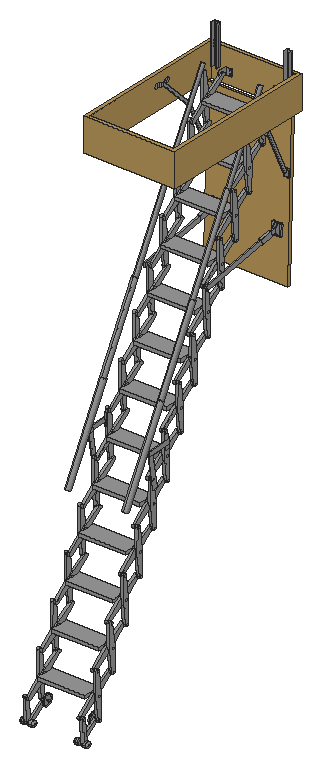
Revit family "schaartrap_Large elec-H 700x1200 mm", category Generic Models, Revit 2019 (continued)
Automatic sketch dimensions
  Sweep 51 sketch curve to Sweep 51 sketch curve = 20 mm
  level to Sweep 51 sketch curve = 20 mm
  Sweep 51 sketch curve to profile plane = 0 mm  (x2)
  Sweep 51 sketch curve to profile plane = 7.976 mm
  Sweep 51 sketch curve to Sweep 51 sketch curve = 2.281 mm
  Extrusion 54 sketch curve to plane 1 "Center (Front/Back)" = 20 mm
  level to Extrusion 54 sketch curve = 20 mm
  Sweep 55 sketch curve to Sweep 55 sketch curve = 0 mm  (x2)
  Sweep 55 sketch curve to plane 1 "Center (Front/Back)" = 0 mm
  Sweep 55 sketch curve to Sweep 55 sketch curve = 20 mm
  level to Sweep 55 sketch curve = 20 mm
  Sweep 55 sketch curve to profile plane = 0 mm  (x2)
  Sweep 55 sketch curve to profile plane = 7.976 mm
  Sweep 55 sketch curve to Sweep 55 sketch curve = 2.281 mm
  Extrusion 56 sketch curve to plane 1 "Center (Front/Back)" = 20 mm
  level to Extrusion 56 sketch curve = 20 mm
  Sweep 57 sketch curve to Sweep 57 sketch curve = 0 mm  (x2)
  Sweep 57 sketch curve to plane 1 "Center (Front/Back)" = 0 mm
  Sweep 57 sketch curve to Sweep 57 sketch curve = 20 mm
  level to Sweep 57 sketch curve = 20 mm
  profile plane to Sweep 57 sketch curve = 0 mm
  Sweep 57 sketch curve to profile plane = 0 mm
  profile plane to Sweep 57 sketch curve = 7.976 mm
  Sweep 57 sketch curve to Sweep 57 sketch curve = 2.281 mm
  curve 15 to plane 3 "Center (Left/Right)" = 0 mm
  curve 19 to plane 3 "Center (Left/Right)" = 0 mm
  plane 3 "Center (Left/Right)" to curve 16 = 34.056 mm
  curve 15 to curve 16 = 0 mm
  curve 15 to curve 19 = 117.973 mm
  curve 19 to plane 3 "Center (Left/Right)" = 34.056 mm
  curve 15 to curve 15 = 4227.74 mm
  Sweep 58 sketch curve to plane 13 = 0 mm
  Sweep 58 sketch curve to plane 12 = 0 mm
  Sweep 58 sketch curve to plane 19 "bk. omtimmering" = 0 mm
  Sweep 58 sketch curve to profile plane = 0 mm
  Sweep 58 sketch curve to Sweep 58 sketch curve = 24 mm
  Extrusion 59 sketch curve to plane 18 "traplijn" = 711.765 mm
  Extrusion 59 sketch curve to Extrusion 59 sketch curve = 20.48 mm
  Extrusion 59 sketch curve to Extrusion 59 sketch curve = 199.001 mm
  Extrusion 59 sketch curve to Extrusion 59 sketch curve = 3.611 mm
  plane 6 to Extrusion 60 sketch curve = 2 mm  (x2)
  Extrusion 60 sketch curve to plane 6 = 8 mm
  Extrusion 60 sketch curve to Extrusion 60 sketch curve = 10 mm  (x2)
  Extrusion 60 sketch curve to Extrusion 60 sketch curve = 73.838 mm
  plane 7 to Extrusion 60 sketch curve = 33 mm
  plane 8 to Extrusion 61 sketch curve = 2 mm  (x2)
  Extrusion 61 sketch curve to plane 8 = 8 mm
  Extrusion 61 sketch curve to Extrusion 61 sketch curve = 10 mm  (x2)
  Extrusion 61 sketch curve to Extrusion 61 sketch curve = 73.838 mm
  plane 9 to Extrusion 61 sketch curve = 33 mm
  Extrusion 62 sketch curve to plane 16 = 44.5 mm
  Extrusion 62 sketch curve to Extrusion 62 sketch curve = 60 mm
  Extrusion 62 sketch curve to plane 16 = 10 mm
  Extrusion 63 sketch curve to plane 15 = 44.5 mm
  Extrusion 63 sketch curve to Extrusion 63 sketch curve = 60 mm
  Extrusion 63 sketch curve to plane 15 = 10 mm
  plane 20 to Extrusion 64 sketch curve = 108.998 mm
  Extrusion 64 sketch curve to Extrusion 64 sketch curve = 5 mm
  Extrusion 64 sketch curve to Extrusion 64 sketch curve = 13.998 mm
  Extrusion 64 sketch curve to Extrusion 64 sketch curve = 6.458 mm  (x2)
  Extrusion 64 sketch curve to Extrusion 64 sketch curve = 0 mm  (x12)
  plane 19 "bk. omtimmering" to Extrusion 64 sketch curve = 5 mm
  Extrusion 64 sketch curve to Extrusion 64 sketch curve = 6.002 mm  (x2)
  Extrusion 64 sketch curve to Extrusion 64 sketch curve = 20 mm  (x11)
  Extrusion 64 sketch curve to plane 19 "bk. omtimmering" = 15 mm
  Extrusion 65 sketch curve to Extrusion 65 sketch curve = 28.028 mm
  Extrusion 65 sketch curve to plane 19 "bk. omtimmering" = 182.202 mm
  Extrusion 65 sketch curve to Extrusion 65 sketch curve = 25 mm
  Extrusion 66 sketch curve to plane 6 = 0 mm
  plane 6 to Extrusion 66 sketch curve = 4 mm
  Extrusion 66 sketch curve to plane 11 = 18.5 mm
  Extrusion 66 sketch curve to Extrusion 66 sketch curve = 4 mm
  Extrusion 66 sketch curve to Extrusion 66 sketch curve = 69.409 mm
  Extrusion 67 sketch curve to Extrusion 67 sketch curve = 0 mm  (x4)
  Extrusion 67 sketch curve to plane 11 = 9.236 mm  (x2)
  Extrusion 67 sketch curve to plane 19 "bk. omtimmering" = 143.203 mm
  Extrusion 67 sketch curve to Extrusion 67 sketch curve = 28.75 mm
  Extrusion 67 sketch curve to plane 11 = 4.236 mm  (x2)
  Extrusion 68 sketch curve to Extrusion 68 sketch curve = 0 mm  (x8)
  Extrusion 68 sketch curve to plane 16 = 25 mm
  Extrusion 68 sketch curve to Extrusion 68 sketch curve = 2 mm
  Extrusion 68 sketch curve to Extrusion 68 sketch curve = 1.001 mm
  plane 9 to Extrusion 68 sketch curve = 32.5 mm
  Extrusion 68 sketch curve to Extrusion 68 sketch curve = 1 mm
  Extrusion 68 sketch curve to Extrusion 68 sketch curve = 26.999 mm
  plane 20 to Extrusion 69 sketch curve = 108.998 mm
  Extrusion 69 sketch curve to Extrusion 69 sketch curve = 5 mm
  Extrusion 69 sketch curve to Extrusion 69 sketch curve = 13.998 mm
  Extrusion 69 sketch curve to Extrusion 69 sketch curve = 6.458 mm  (x2)
  Extrusion 69 sketch curve to Extrusion 69 sketch curve = 0 mm  (x12)
  plane 19 "bk. omtimmering" to Extrusion 69 sketch curve = 5 mm
  Extrusion 69 sketch curve to Extrusion 69 sketch curve = 20 mm  (x11)
  Extrusion 69 sketch curve to plane 19 "bk. omtimmering" = 15 mm
  Extrusion 69 sketch curve to Extrusion 69 sketch curve = 6.002 mm  (x2)
  Extrusion 70 sketch curve to Extrusion 70 sketch curve = 0 mm  (x6)
  Extrusion 70 sketch curve to plane 15 = 25 mm
  Extrusion 70 sketch curve to Extrusion 70 sketch curve = 2 mm
  Extrusion 70 sketch curve to Extrusion 70 sketch curve = 1.001 mm
  plane 7 to Extrusion 70 sketch curve = 32.5 mm
  Extrusion 70 sketch curve to Extrusion 70 sketch curve = 1 mm
  Extrusion 70 sketch curve to Extrusion 70 sketch curve = 27 mm
  Extrusion 70 sketch curve to Extrusion 70 sketch curve = 26.999 mm
  plane 16 to Extrusion 73 sketch curve = 1 mm  (x2)
  Extrusion 73 sketch curve to plane 16 = 2 mm  (x2)
  Extrusion 73 sketch curve to plane 16 = 15 mm
  Extrusion 73 sketch curve to Extrusion 73 sketch curve = 3 mm
  Extrusion 73 sketch curve to Extrusion 73 sketch curve = 22.101 mm  (x2)
  Extrusion 73 sketch curve to Extrusion 73 sketch curve = 1.562 mm  (x4)
  Extrusion 73 sketch curve to Extrusion 73 sketch curve = 11.203 mm  (x2)
  Extrusion 73 sketch curve to Extrusion 73 sketch curve = 28.769 mm
  Extrusion 74 sketch curve to plane 19 "bk. omtimmering" = 77.202 mm  (x2)
  Extrusion 74 sketch curve to Extrusion 74 sketch curve = 82 mm
  Extrusion 75 sketch curve to plane 19 "bk. omtimmering" = 62.202 mm
  Extrusion 75 sketch curve to Extrusion 75 sketch curve = 98.5 mm
  Extrusion 75 sketch curve to plane 19 "bk. omtimmering" = 77.202 mm
  Extrusion 75 sketch curve to Extrusion 75 sketch curve = 15 mm  (x2)
  Extrusion 76 sketch curve to plane 19 "bk. omtimmering" = 77.202 mm
  Extrusion 76 sketch curve to plane 20 = 33.181 mm
  Extrusion 76 sketch curve to Extrusion 76 sketch curve = 3.25 mm
  Extrusion 76 sketch curve to Extrusion 76 sketch curve = 4 mm
  plane 15 to Extrusion 77 sketch curve = 1 mm  (x2)
  Extrusion 77 sketch curve to plane 15 = 2 mm  (x2)
  Extrusion 77 sketch curve to plane 15 = 15 mm
  Extrusion 77 sketch curve to Extrusion 77 sketch curve = 3 mm
  Extrusion 77 sketch curve to Extrusion 77 sketch curve = 22.101 mm  (x2)
  Extrusion 77 sketch curve to Extrusion 77 sketch curve = 1.562 mm  (x4)
  Extrusion 77 sketch curve to Extrusion 77 sketch curve = 11.203 mm  (x2)
  Extrusion 77 sketch curve to Extrusion 77 sketch curve = 28.769 mm
  Extrusion 78 sketch curve to plane 19 "bk. omtimmering" = 92.202 mm
  Extrusion 78 sketch curve to plane 19 "bk. omtimmering" = 62.202 mm
  Extrusion 78 sketch curve to Extrusion 78 sketch curve = 98.5 mm
  Extrusion 78 sketch curve to Extrusion 78 sketch curve = 30 mm
  Extrusion 78 sketch curve to Extrusion 78 sketch curve = 15 mm
  Extrusion 79 sketch curve to plane 20 = 73.976 mm
  Extrusion 79 sketch curve to Extrusion 79 sketch curve = 11.169 mm
  Extrusion 79 sketch curve to Extrusion 79 sketch curve = 0.478 mm
  Extrusion 79 sketch curve to Extrusion 79 sketch curve = 277.781 mm
  Extrusion 79 sketch curve to Extrusion 79 sketch curve = 5.787 mm  (x2)
  Extrusion 79 sketch curve to Extrusion 79 sketch curve = 4.301 mm
  Extrusion 79 sketch curve to Extrusion 79 sketch curve = 193.032 mm
  Extrusion 79 sketch curve to Extrusion 79 sketch curve = 8.155 mm
  Extrusion 80 sketch curve to plane 20 = 73.976 mm
  Extrusion 80 sketch curve to Extrusion 80 sketch curve = 11.169 mm
  Extrusion 80 sketch curve to Extrusion 80 sketch curve = 0.478 mm
  Extrusion 80 sketch curve to Extrusion 80 sketch curve = 277.781 mm
  Extrusion 80 sketch curve to Extrusion 80 sketch curve = 5.787 mm  (x2)
  Extrusion 80 sketch curve to Extrusion 80 sketch curve = 188.731 mm
  Extrusion 80 sketch curve to Extrusion 80 sketch curve = 8.155 mm
  Extrusion 80 sketch curve to Extrusion 80 sketch curve = 4.301 mm
  Sweep 14 sketch curve to Sweep 14 sketch curve = 257.672 mm
  Sweep 14 sketch curve to Sweep 14 sketch curve = 643.315 mm
  Sweep 14 sketch curve to profile plane = 0 mm  (x2)
  Sweep 15 sketch curve to Sweep 15 sketch curve = 232.241 mm
  Sweep 15 sketch curve to Sweep 15 sketch curve = 579.823 mm
  Sweep 15 sketch curve to profile plane = 0 mm  (x2)
  Sweep 16 sketch curve to Sweep 16 sketch curve = 254.869 mm
  Sweep 16 sketch curve to Sweep 16 sketch curve = 636.315 mm
  Sweep 16 sketch curve to profile plane = 0 mm  (x2)
  Sweep 17 sketch curve to profile plane = 0 mm  (x2)
  Extrusion 81 sketch curve to Extrusion 81 sketch curve = 11.155 mm
  Extrusion 81 sketch curve to Extrusion 81 sketch curve = 22.709 mm
  Extrusion 81 sketch curve to Extrusion 81 sketch curve = 13.423 mm
  Extrusion 81 sketch curve to Extrusion 81 sketch curve = 24.003 mm
  Extrusion 81 sketch curve to Extrusion 81 sketch curve = 14.472 mm
  Extrusion 82 sketch curve to Extrusion 82 sketch curve = 3.617 mm  (x2)
  Extrusion 82 sketch curve to Extrusion 82 sketch curve = 23.983 mm  (x2)
  Extrusion 82 sketch curve to Extrusion 82 sketch curve = 123.59 mm
  Extrusion 82 sketch curve to Extrusion 82 sketch curve = 18.023 mm
  Extrusion 82 sketch curve to Extrusion 82 sketch curve = 3.252 mm
  Extrusion 82 sketch curve to Extrusion 82 sketch curve = 11.758 mm
  Extrusion 83 sketch curve to Extrusion 83 sketch curve = 11.69 mm
  Extrusion 83 sketch curve to Extrusion 83 sketch curve = 18.023 mm
  Extrusion 83 sketch curve to Extrusion 83 sketch curve = 11.758 mm  (x2)
  Extrusion 83 sketch curve to Extrusion 83 sketch curve = 29.781 mm
  Extrusion 83 sketch curve to Extrusion 83 sketch curve = 3.617 mm
  Extrusion 83 sketch curve to Extrusion 83 sketch curve = 44.672 mm
  Extrusion 83 sketch curve to Extrusion 83 sketch curve = 23.983 mm
  Extrusion 84 sketch curve to Extrusion 84 sketch curve = 19.372 mm  (x2)
  Extrusion 84 sketch curve to Extrusion 84 sketch curve = 9.746 mm  (x2)
  Extrusion 84 sketch curve to Extrusion 84 sketch curve = 43.196 mm
  Extrusion 84 sketch curve to Extrusion 84 sketch curve = 7.219 mm
  Extrusion 84 sketch curve to Extrusion 84 sketch curve = 213.535 mm
  Extrusion 84 sketch curve to Extrusion 84 sketch curve = 15.803 mm
  Sweep 18 sketch curve to Sweep 18 sketch curve = 257.672 mm
  Sweep 18 sketch curve to Sweep 18 sketch curve = 643.315 mm
  Sweep 18 sketch curve to profile plane = 0 mm  (x2)
  Sweep 19 sketch curve to Sweep 19 sketch curve = 232.241 mm
  Sweep 19 sketch curve to Sweep 19 sketch curve = 579.823 mm
  Sweep 19 sketch curve to profile plane = 0 mm  (x2)
  Sweep 20 sketch curve to Sweep 20 sketch curve = 254.869 mm
  Sweep 20 sketch curve to Sweep 20 sketch curve = 636.315 mm
  Sweep 20 sketch curve to profile plane = 0 mm  (x2)
  Sweep 21 sketch curve to profile plane = 0 mm  (x2)
  Extrusion 53 sketch curve to plane 20 = 78.084 mm
  Sweep 17 sketch curve to Sweep 17 sketch curve = 237.966 mm
  Sweep 17 sketch curve to Sweep 17 sketch curve = 594.115 mm
  Sweep 21 sketch curve to Sweep 21 sketch curve = 237.966 mm
  Sweep 21 sketch curve to Sweep 21 sketch curve = 594.115 mm
  Sweep 89 sketch curve to Sweep 89 sketch curve = 403.048 mm
  Sweep 89 sketch curve to Sweep 89 sketch curve = 563.739 mm
  Sweep 89 sketch curve to profile plane = 0 mm  (x2)
  Sweep 90 sketch curve to Sweep 90 sketch curve = 363.269 mm
  Sweep 90 sketch curve to Sweep 90 sketch curve = 508.101 mm
  Sweep 90 sketch curve to profile plane = 0 mm  (x2)
  Sweep 91 sketch curve to Sweep 91 sketch curve = 398.662 mm
  Sweep 91 sketch curve to Sweep 91 sketch curve = 557.605 mm
  Sweep 91 sketch curve to profile plane = 0 mm  (x2)
  Sweep 92 sketch curve to profile plane = 0 mm  (x2)
  Extrusion 93 sketch curve to Extrusion 93 sketch curve = 17.448 mm
  Extrusion 93 sketch curve to Extrusion 93 sketch curve = 23.631 mm
  Extrusion 93 sketch curve to Extrusion 93 sketch curve = 8.032 mm
  Extrusion 93 sketch curve to Extrusion 93 sketch curve = 24.976 mm
  Extrusion 93 sketch curve to Extrusion 93 sketch curve = 22.637 mm
  Extrusion 94 sketch curve to Extrusion 94 sketch curve = 0.099 mm  (x2)
  Extrusion 94 sketch curve to Extrusion 94 sketch curve = 25.931 mm  (x2)
  Extrusion 94 sketch curve to Extrusion 94 sketch curve = 124.498 mm
  Extrusion 94 sketch curve to Extrusion 94 sketch curve = 15.086 mm
  Extrusion 94 sketch curve to Extrusion 94 sketch curve = 14.502 mm
  Extrusion 94 sketch curve to Extrusion 94 sketch curve = 14.914 mm
  Extrusion 95 sketch curve to Extrusion 95 sketch curve = 0.321 mm
  Extrusion 95 sketch curve to Extrusion 95 sketch curve = 15.086 mm
  Extrusion 95 sketch curve to Extrusion 95 sketch curve = 14.914 mm  (x2)
  Extrusion 95 sketch curve to Extrusion 95 sketch curve = 30 mm
  Extrusion 95 sketch curve to Extrusion 95 sketch curve = 0.099 mm
  Extrusion 95 sketch curve to Extrusion 95 sketch curve = 45 mm
  Extrusion 95 sketch curve to Extrusion 95 sketch curve = 25.931 mm
  Extrusion 96 sketch curve to Extrusion 96 sketch curve = 16.487 mm  (x2)
  Extrusion 96 sketch curve to Extrusion 96 sketch curve = 13.425 mm  (x2)
  Extrusion 96 sketch curve to Extrusion 96 sketch curve = 3.413 mm
  Extrusion 96 sketch curve to Extrusion 96 sketch curve = 2.296 mm
  Extrusion 96 sketch curve to Extrusion 96 sketch curve = 219.355 mm
  Extrusion 96 sketch curve to Extrusion 96 sketch curve = 18.793 mm
  Sweep 92 sketch curve to Sweep 92 sketch curve = 372.223 mm
  Sweep 92 sketch curve to Sweep 92 sketch curve = 520.625 mm
  Extrusion 38 sketch curve to Extrusion 38 sketch curve = 0 mm  (x2)
  Extrusion 3 sketch curve to Extrusion 3 sketch curve = 0 mm  (x2)
  Extrusion 10 sketch curve to Extrusion 10 sketch curve = 0 mm  (x2)
  Extrusion 97 sketch curve to Extrusion 97 sketch curve = 3.183 mm
  Extrusion 97 sketch curve to Extrusion 97 sketch curve = 3.949 mm  (x4)
  Extrusion 97 sketch curve to Extrusion 97 sketch curve = 152.375 mm
  Extrusion 97 sketch curve to Extrusion 97 sketch curve = 4.653 mm
  plane 20 to Extrusion 97 sketch curve = 92.409 mm
  Extrusion 97 sketch curve to plane 20 = 1741.344 mm
  Extrusion 97 sketch curve to Extrusion 97 sketch curve = 47.045 mm
  Extrusion 97 sketch curve to Extrusion 97 sketch curve = 74.856 mm
  Extrusion 97 sketch curve to Extrusion 97 sketch curve = 226.432 mm
  Extrusion 97 sketch curve to Extrusion 97 sketch curve = 0.637 mm  (x2)
  Extrusion 97 sketch curve to Extrusion 97 sketch curve = 19.745 mm
  Extrusion 97 sketch curve to Extrusion 97 sketch curve = 5.05 mm
  Extrusion 4 sketch curve to Extrusion 4 sketch curve = 8.413 mm  (x4)
  Extrusion 53 sketch curve to plane 21 = 245.954 mm
  Sweep 58 sketch curve to plane 21 = 0 mm
  Extrusion 59 sketch curve to plane 21 = 97.531 mm
  Extrusion 64 sketch curve to plane 21 = 62.998 mm
  Extrusion 65 sketch curve to plane 21 = 105.409 mm
  Extrusion 66 sketch curve to plane 21 = 26 mm
  Extrusion 68 sketch curve to plane 21 = 56 mm
  Extrusion 69 sketch curve to plane 21 = 62.998 mm
  Extrusion 70 sketch curve to plane 21 = 26 mm
  Extrusion 73 sketch curve to plane 21 = 539.25 mm
  Extrusion 74 sketch curve to plane 21 = 531 mm
  Extrusion 75 sketch curve to plane 21 = 539.25 mm
  Extrusion 76 sketch curve to Extrusion 76 sketch curve = 0 mm  (x2)
  Extrusion 76 sketch curve to plane 21 = 490 mm
  Extrusion 76 sketch curve to plane 21 = 261.309 mm
  Extrusion 77 sketch curve to plane 21 = 440.75 mm
  Extrusion 78 sketch curve to plane 21 = 440.75 mm
  Extrusion 79 sketch curve to plane 18 "traplijn" = 132.92 mm
  Extrusion 80 sketch curve to plane 18 "traplijn" = 132.92 mm
  Extrusion 97 sketch curve to plane 21 = 76.388 mm
  Extrusion 4 sketch curve to plane 1 "Center (Front/Back)" = 337.316 mm
  Extrusion 4 sketch curve to plane 22 = 251.175 mm
  Extrusion 4 sketch curve to plane 22 = 122.564 mm
  Extrusion 4 sketch curve to plane 22 = 114.151 mm
  plane 22 to Extrusion 4 sketch curve = 6.047 mm
  plane 22 to Extrusion 4 sketch curve = 14.46 mm
  Sweep 58 sketch curve to plane 22 = 0 mm
  plane 22 to Extrusion 97 sketch curve = 70.841 mm
  Extrusion 97 sketch curve to plane 22 = 42.452 mm
  curve 5 to plane 13 = 0 mm
  curve 14 to plane 3 "Center (Left/Right)" = 0 mm
  curve 11 to plane 3 "Center (Left/Right)" = 0 mm
  curve 13 to plane 3 "Center (Left/Right)" = 0 mm
  curve 9 to plane 11 = 0 mm
  curve 3 to plane 12 = 0 mm
  curve 2 to plane 22 = 0 mm
  curve 13 to plane 21 = 0 mm
  curve 13 to plane 3 "Center (Left/Right)" = 25.981 mm
  plane 3 "Center (Left/Right)" to curve 12 = 25.981 mm
  curve 10 to plane 22 = 103.331 mm
  curve 14 to curve 11 = 45 mm
  curve 9 to plane 22 = 103.331 mm
  curve 8 to plane 22 = 103.331 mm
  curve 1 to plane 1 "Center (Front/Back)" = 81.45 mm
  plane 22 to curve 7 = 6.047 mm
  curve 7 to curve 6 = 128.611 mm
  curve 6 to curve 20 = 128.611 mm
  curve 20 to curve 21 = 128.611 mm
  curve 21 to curve 22 = 128.611 mm
  curve 22 to curve 23 = 128.611 mm
  curve 23 to curve 24 = 128.611 mm
  curve 24 to curve 25 = 128.611 mm
  Extrusion 71 sketch curve to plane 8 = 0 mm
  plane 8 to Extrusion 71 sketch curve = 4 mm
  Extrusion 71 sketch curve to plane 10 = 18.5 mm
  Extrusion 71 sketch curve to plane 21 = 99.409 mm
  Extrusion 71 sketch curve to plane 21 = 30 mm
  Extrusion 71 sketch curve to Extrusion 71 sketch curve = 4 mm
  Extrusion 72 sketch curve to Extrusion 72 sketch curve = 0 mm  (x4)
  Extrusion 72 sketch curve to plane 10 = 9.236 mm  (x2)
  plane 20 to Extrusion 72 sketch curve = 78.047 mm
  Extrusion 72 sketch curve to Extrusion 72 sketch curve = 28.75 mm
  Extrusion 72 sketch curve to plane 10 = 4.236 mm  (x2)
  curve 25 to plane 10 = 0 mm
  radius of Extrusion 38 sketch curve = 5.05 mm  (x37)
  radius of Extrusion 38 sketch curve = 5.25 mm
  radius of Extrusion 52 sketch curve = 21 mm  (x13)
  radius of Extrusion 3 sketch curve = 5.05 mm  (x37)
  radius of Extrusion 3 sketch curve = 5.25 mm
  radius of Extrusion 35 sketch curve = 21 mm  (x13)
  radius of Extrusion 10 sketch curve = 5.05 mm  (x37)
  radius of Extrusion 10 sketch curve = 5.25 mm
  radius of Extrusion 34 sketch curve = 21 mm  (x13)
  radius of Extrusion 44 sketch curve = 4 mm
  radius of Extrusion 42 sketch curve = 5.25 mm  (x2)
  radius of Extrusion 47 sketch curve = 4 mm
  radius of Extrusion 24 sketch curve = 4 mm
  radius of Extrusion 22 sketch curve = 5.25 mm  (x2)
  radius of Extrusion 33 sketch curve = 4 mm
  radius of Extrusion 28 sketch curve = 4 mm
  radius of Extrusion 26 sketch curve = 5.25 mm  (x2)
  radius of Extrusion 31 sketch curve = 4 mm
  radius of Extrusion 48 sketch curve = 20 mm
  radius of Extrusion 50 sketch curve = 20 mm
  radius of Extrusion 54 sketch curve = 20 mm
  radius of Extrusion 56 sketch curve = 20 mm
  radius of Extrusion 64 sketch curve = 5.25 mm  (x14)
  radius of Extrusion 69 sketch curve = 5.25 mm  (x14)
  radius of Extrusion 74 sketch curve = 3.25 mm  (x2)
  radius of Extrusion 53 sketch curve = 4 mm
  radius of Sweep 14 sketch curve = 20 mm
  radius of Sweep 15 sketch curve = 17.5 mm
  radius of Sweep 16 sketch curve = 15 mm
  radius of Sweep 17 sketch curve = 12.5 mm
  radius of Sweep 18 sketch curve = 20 mm
  radius of Sweep 19 sketch curve = 17.5 mm
  radius of Sweep 20 sketch curve = 15 mm
  radius of Sweep 21 sketch curve = 12.5 mm
  radius of Sweep 89 sketch curve = 20 mm
  radius of Sweep 90 sketch curve = 17.5 mm
  radius of Sweep 91 sketch curve = 15 mm
  radius of Sweep 92 sketch curve = 12.5 mm
  radius of Extrusion 97 sketch curve = 4 mm  (x3)
